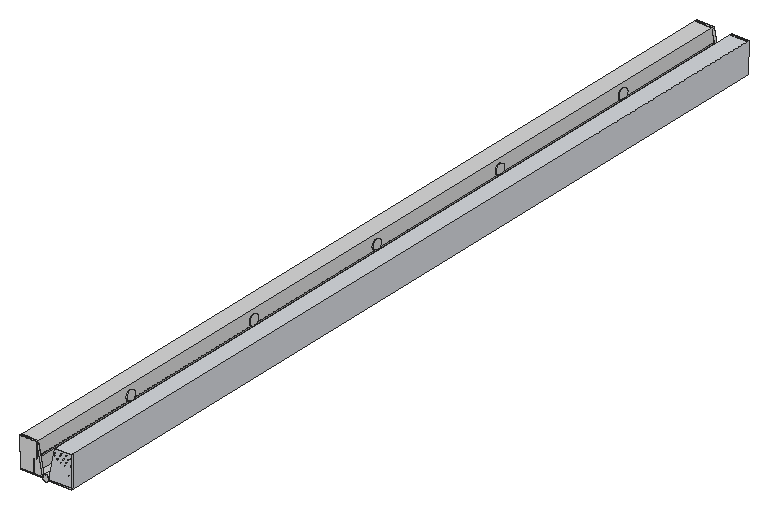
Revit family "ORMA_ORMA HINGED OUTSIDE CORNER 3,3_1908357", category Generic Models, Revit 2018
Family settings
  Can host rebar = No
  Round Connector Dimension = Use Diameter
  Part Type = Normal
  OmniClass Number = 35.51.14.00
  OmniClass Title = FORMWORK
  Work Plane-Based = Yes
  Always vertical = No
  Cut with Voids When Loaded = No
  Shared = Yes
  Room Calculation Point = No
Parameters
  VERSION = "20190101"  # constant formula
  URL = "www.ulmaconstruction.com/en"
  UNICLASS = ""
  REAL ANGLE [instance] = if(ANGLE < 65.00°, 65.00°, if(ANGLE < 180.00°, ANGLE, 180.00°))  # 180.00°
  ITEM_CODE = "1908357"
  Manufacturer = "ULMA CONSTRUCTION"  # constant formula
  INSERTION PLANE [instance] = if(REAL ANGLE = 180.00°, 0.000 mm, (4.000 mm) / cos(90.00° - REAL ANGLE) + 4.000 mm * tan(90.00° - REAL ANGLE))  # 0.000 mm
  FILTER [instance] = ""
  Default Elevation = 0.000 mm
  CLASSIFICATION_TITLE = ""
  CLASSIFICATION_NUMBER = ""
  ANGLE [instance] = 180.00°
Reference planes
  plane 1 "Centro (Frontal/Posterior)": y = 0
  plane 2: z = 0
  plane 3 "Centro (Izquierda/Derecha)": x = 0
  plane 4 "ITEM_HEIGHT": y = 3300
  plane 5 "CENTER": z = 4
  plane 6 "INSERTION PLANE": x = 0
  plane 7 "LATERAL HOLE 1": y = 450
  plane 8 "LATERAL HOLE 2": y = 1050
  plane 9 "LATERAL HOLE 3": y = 1650
  plane 10 "LATERAL HOLE 4": y = 2250
  plane 11 "LATERAL HOLE 5": y = 2850
Forms (mm)
  Extrusion 1, solid, material "ULMA ZINC"
    sketch origin (0, 0, 0) x (1, 0, 0) y (0, 0, 1)
      loop
        line (-100, 0) -> (-12.6, 0) -> (-16.6, 4) -> (-47.5, 4) -> (-47.5, 52.039)
        arc (-47.5, 52.039) -> (-47.085, 53.419) -> (-45.977, 54.341) r 2.5
        line (-45.977, 54.341) -> (-38.656, 57.448)
        arc (-38.656, 57.448) -> (-35.997, 59.66) -> (-35, 62.971) r 6
        line (-35, 62.971) -> (-35, 120) -> (-100, 120) -> (-100, 0)
    from -3300 to 0
  Extrusion 2, solid, material "ULMA ZINC"
    sketch origin (0, 0, 0) x (1, 0, 0) y (0, 0, 1)
      loop
        circle (0, 4) r 12.5
    from -3300 to 0
  Extrusion 3, solid, material "ULMA ZINC", detail levels fine
    sketch origin (0, 0, 0) x (1, 0, 0) y (0, 0, 1)
      loop
        line (-12, 4) -> (-35.795, 120) -> (-100, 120) -> (-100, 4) -> (-12, 4)
    from 0 to -6
  Extrusion 4, solid, material "ULMA ZINC", detail levels fine
    sketch origin (0, 3300, 0) x (-1, 0, 0) y (0, 0, 1)
      loop
        line (12, 4) -> (100, 4) -> (100, 120) -> (35.795, 120) -> (12, 4)
    from 0 to -6
  Extrusion 5, solid, material "ULMA ZINC", detail levels fine
    sketch origin (-35, 0, 62.971) x (0, 0, 1) y (0, -1, 0)
      loop
        circle (23.029, -450) r 19
    from 0 to 8
  Extrusion 6, solid, material "ULMA ZINC", detail levels fine
    sketch origin (-35, 600, 62.971) x (0, 0, 1) y (0, -1, 0)
      loop
        circle (23.029, -450) r 19
    from 0 to 8
  Extrusion 7, solid, material "ULMA ZINC", detail levels fine
    sketch origin (-35, 1200, 62.971) x (0, 0, 1) y (0, -1, 0)
      loop
        circle (23.029, -450) r 19
    from 0 to 8
  Extrusion 8, solid, material "ULMA ZINC", detail levels fine
    sketch origin (-35, 1800, 62.971) x (0, 0, 1) y (0, -1, 0)
      loop
        circle (23.029, -450) r 19
    from 0 to 8
  Extrusion 9, solid, material "ULMA ZINC", detail levels fine
    sketch origin (-35, 2400, 62.971) x (0, 0, 1) y (0, -1, 0)
      loop
        circle (23.029, -450) r 19
    from 0 to 8
Lines and regions (mm)
  reference lines
    curve 1: line (0, 0, 4) -> (209.588, 0, 4)
  model lines, style "ULMA PANELS", detail levels fine
    curve 2: circle (-27, 450, 86) r 11 normal (1, 0, 0)
    curve 3: circle (-100, 450, 86) r 11 normal (1, 0, 0)
    curve 4: circle (-27, 1050, 86) r 11 normal (1, 0, 0)
    curve 5: circle (-100, 1050, 86) r 11 normal (1, 0, 0)
    curve 6: circle (-27, 1650, 86) r 11 normal (1, 0, 0)
    curve 7: circle (-100, 1650, 86) r 11 normal (1, 0, 0)
    curve 8: circle (-27, 2250, 86) r 11 normal (1, 0, 0)
    curve 9: circle (-100, 2250, 86) r 11 normal (1, 0, 0)
    curve 10: circle (-27, 2850, 86) r 11 normal (1, 0, 0)
    curve 11: circle (-100, 2850, 86) r 11 normal (1, 0, 0)
Dimensions and locks
  locked: plane 1 "Centro (Frontal/Posterior)" to plane 4 "ITEM_HEIGHT" at 3300
  locked: plane 5 "CENTER" to plane 2 at 4
  "INSERTION PLANE": plane 3 "Centro (Izquierda/Derecha)" to plane 6 "INSERTION PLANE"
  "REAL ANGLE": angle plane 5 "CENTER" to curve 1
  aligned and locked: level to plane 2
  aligned and locked: plane 4 "ITEM_HEIGHT" to Extrusion 2
  aligned and locked: plane 3 "Centro (Izquierda/Derecha)" to curve 1
  aligned and locked: plane 5 "CENTER" to curve 1
  aligned and locked: plane 4 "ITEM_HEIGHT" to Extrusion 1
Automatic sketch dimensions
  Extrusion 2 sketch curve to plane 3 "Centro (Izquierda/Derecha)" = 0.000 mm
  level to Extrusion 2 sketch curve = 4.000 mm
  Extrusion 1 sketch curve to plane 3 "Centro (Izquierda/Derecha)" = 45.977 mm
  Extrusion 1 sketch curve to Extrusion 1 sketch curve = 0.977 mm
  plane 5 "CENTER" to Extrusion 1 sketch curve = 48.039 mm
  Extrusion 1 sketch curve to Extrusion 1 sketch curve = 2.301 mm
  Extrusion 1 sketch curve to Extrusion 1 sketch curve = 7.321 mm
  Extrusion 1 sketch curve to Extrusion 1 sketch curve = 3.108 mm
  Extrusion 1 sketch curve to Extrusion 1 sketch curve = 2.344 mm
  Extrusion 1 sketch curve to Extrusion 1 sketch curve = 5.523 mm
  Extrusion 1 sketch curve to Extrusion 1 sketch curve = 57.029 mm
  Extrusion 3 sketch curve to plane 5 "CENTER" = 0.000 mm
  Extrusion 3 sketch curve to plane 3 "Centro (Izquierda/Derecha)" = 35.795 mm
  plane 5 "CENTER" to Extrusion 3 sketch curve = 116.000 mm
  Extrusion 3 sketch curve to Extrusion 3 sketch curve = 64.205 mm
  Extrusion 3 sketch curve to plane 3 "Centro (Izquierda/Derecha)" = 12.000 mm
  Extrusion 4 sketch curve to plane 5 "CENTER" = 0.000 mm
  Extrusion 4 sketch curve to plane 3 "Centro (Izquierda/Derecha)" = 12.000 mm
  Extrusion 4 sketch curve to plane 3 "Centro (Izquierda/Derecha)" = 35.795 mm
  Extrusion 4 sketch curve to Extrusion 4 sketch curve = 64.205 mm
  plane 5 "CENTER" to Extrusion 4 sketch curve = 116.000 mm
  Extrusion 1 sketch curve to level = 0.000 mm
  Extrusion 1 sketch curve to plane 3 "Centro (Izquierda/Derecha)" = 12.600 mm
  Extrusion 1 sketch curve to Extrusion 1 sketch curve = 4.000 mm
  Extrusion 1 sketch curve to Extrusion 1 sketch curve = 52.500 mm
  Extrusion 1 sketch curve to plane 5 "CENTER" = 0.000 mm
  Extrusion 9 sketch curve to plane 11 "LATERAL HOLE 5" = 0.000 mm
  plane 5 "CENTER" to Extrusion 9 sketch curve = 82.000 mm
  curve 11 to plane 11 "LATERAL HOLE 5" = 0.000 mm
  plane 5 "CENTER" to curve 11 = 82.000 mm
  Extrusion 8 sketch curve to plane 10 "LATERAL HOLE 4" = 0.000 mm
  plane 5 "CENTER" to Extrusion 8 sketch curve = 82.000 mm
  curve 9 to plane 10 "LATERAL HOLE 4" = 0.000 mm
  plane 5 "CENTER" to curve 9 = 82.000 mm
  Extrusion 7 sketch curve to plane 9 "LATERAL HOLE 3" = 0.000 mm
  plane 5 "CENTER" to Extrusion 7 sketch curve = 82.000 mm
  curve 7 to plane 9 "LATERAL HOLE 3" = 0.000 mm
  plane 5 "CENTER" to curve 7 = 82.000 mm
  Extrusion 6 sketch curve to plane 8 "LATERAL HOLE 2" = 0.000 mm
  plane 5 "CENTER" to Extrusion 6 sketch curve = 82.000 mm
  curve 5 to plane 8 "LATERAL HOLE 2" = 0.000 mm
  plane 5 "CENTER" to curve 5 = 82.000 mm
  Extrusion 5 sketch curve to plane 7 "LATERAL HOLE 1" = 0.000 mm
  plane 5 "CENTER" to Extrusion 5 sketch curve = 82.000 mm
  curve 3 to plane 7 "LATERAL HOLE 1" = 0.000 mm
  plane 5 "CENTER" to curve 3 = 82.000 mm
  radius of Extrusion 2 sketch curve = 12.500 mm
  radius of Extrusion 5 sketch curve = 19.000 mm
  radius of curve 2 to Extrusion 5 = 8.000 mm  (x2)
  radius of curve 3 = 11.000 mm  (x2)
  radius of Extrusion 6 sketch curve = 19.000 mm
  radius of curve 4 to Extrusion 6 = 8.000 mm  (x2)
  radius of curve 5 = 11.000 mm  (x2)
  radius of Extrusion 7 sketch curve = 19.000 mm
  radius of curve 6 to Extrusion 7 = 8.000 mm  (x2)
  radius of curve 7 = 11.000 mm  (x2)
  radius of Extrusion 8 sketch curve = 19.000 mm
  radius of curve 8 to Extrusion 8 = 8.000 mm  (x2)
  radius of curve 9 = 11.000 mm  (x2)
  radius of Extrusion 9 sketch curve = 19.000 mm
  radius of curve 10 to Extrusion 9 = 8.000 mm  (x2)
  radius of curve 11 = 11.000 mm  (x2)
Nested families
  nested 1: "LATERAL ESCUADRA EXT G - 1908359_PANELS" at (0, 0, 0) x (-1, 0, 0) z (0, 0, 1), type "LATERAL ESCUADRA EXT G - 1908359_PANELS"
    with FILTER ""
Definition of nested family "LATERAL ESCUADRA EXT G - 1908359_PANELS"
  Parameters (values of type "LATERAL ESCUADRA EXT G - 1908359_PANELS")
    VERSION = "20190101"  # constant formula
    URL = "www.ulmaconstruction.com/en"
    UNICLASS = ""
    Manufacturer = "ULMA CONSTRUCTION"  # constant formula
    FILTER [instance] = ""
    Default Elevation = 0.000 mm
    CLASSIFICATION_TITLE = ""
    CLASSIFICATION_NUMBER = ""
  Reference planes
    plane 1 "Centro (Frontal/Posterior)": y = 0
    plane 2: z = 0
    plane 3 "Centro (Izquierda/Derecha)": x = 0
    plane 4 "ITEM_HEIGHT": y = 3300
    plane 5 "CENTER": z = 4
    plane 6 "LATERAL HOLE 1": y = 450
    plane 7 "LATERAL HOLE 2": y = 1050
    plane 8 "LATERAL HOLE 3": y = 1650
    plane 9 "LATERAL HOLE 4": y = 2250
    plane 10 "LATERAL HOLE 5": y = 2850
  Forms (mm)
    Extrusion 1, solid
      sketch origin (0, 0, 0) x (1, 0, 0) y (0, 0, 1)
        loop
          line (-100, 0) -> (-12.6, 0) -> (-16.6, 4) -> (-47.5, 4) -> (-47.5, 52.039)
          arc (-47.5, 52.039) -> (-47.085, 53.419) -> (-45.977, 54.341) r 2.5
          line (-45.977, 54.341) -> (-38.656, 57.448)
          arc (-38.656, 57.448) -> (-35.997, 59.66) -> (-35, 62.971) r 6
          line (-35, 62.971) -> (-35, 120) -> (-100, 120) -> (-100, 0)
      from -3300 to 0
    Extrusion 2, solid, detail levels fine
      sketch origin (0, 0, 0) x (1, 0, 0) y (0, 0, 1)
        loop
          line (-12, 4) -> (-35.795, 120) -> (-100, 120) -> (-100, 4) -> (-12, 4)
      from 0 to -6
    Extrusion 3, solid, detail levels fine
      sketch origin (0, 3300, 0) x (-1, 0, 0) y (0, 0, 1)
        loop
          line (12, 4) -> (100, 4) -> (100, 120) -> (35.795, 120) -> (12, 4)
      from 0 to -6
    Extrusion 4, solid, detail levels fine
      sketch origin (-35, 0, 62.971) x (0, 0, 1) y (0, -1, 0)
        loop
          circle (23.029, -450) r 19
      from 0 to 8
    Extrusion 5, solid, detail levels fine
      sketch origin (-35, 600, 62.971) x (0, 0, 1) y (0, -1, 0)
        loop
          circle (23.029, -450) r 19
      from 0 to 8
    Extrusion 6, solid, detail levels fine
      sketch origin (-35, 1200, 62.971) x (0, 0, 1) y (0, -1, 0)
        loop
          circle (23.029, -450) r 19
      from 0 to 8
    Extrusion 7, solid, detail levels fine
      sketch origin (-35, 1800, 62.971) x (0, 0, 1) y (0, -1, 0)
        loop
          circle (23.029, -450) r 19
      from 0 to 8
    Extrusion 8, solid, detail levels fine
      sketch origin (-35, 2400, 62.971) x (0, 0, 1) y (0, -1, 0)
        loop
          circle (23.029, -450) r 19
      from 0 to 8
  Lines and regions (mm)
    model lines, detail levels fine
      curve 1: circle (-27, 450, 86) r 11 normal (1, 0, 0)
      curve 2: circle (-100, 450, 86) r 11 normal (1, 0, 0)
      curve 3: circle (-27, 1050, 86) r 11 normal (1, 0, 0)
      curve 4: circle (-100, 1050, 86) r 11 normal (1, 0, 0)
      curve 5: circle (-27, 1650, 86) r 11 normal (1, 0, 0)
      curve 6: circle (-100, 1650, 86) r 11 normal (1, 0, 0)
      curve 7: circle (-27, 2250, 86) r 11 normal (1, 0, 0)
      curve 8: circle (-100, 2250, 86) r 11 normal (1, 0, 0)
      curve 9: circle (-27, 2850, 86) r 11 normal (1, 0, 0)
      curve 10: circle (-100, 2850, 86) r 11 normal (1, 0, 0)
  Dimensions and locks
    locked: plane 1 "Centro (Frontal/Posterior)" to plane 4 "ITEM_HEIGHT" at 3300
    aligned and locked: level to plane 2
    aligned and locked: plane 4 "ITEM_HEIGHT" to Extrusion 1
